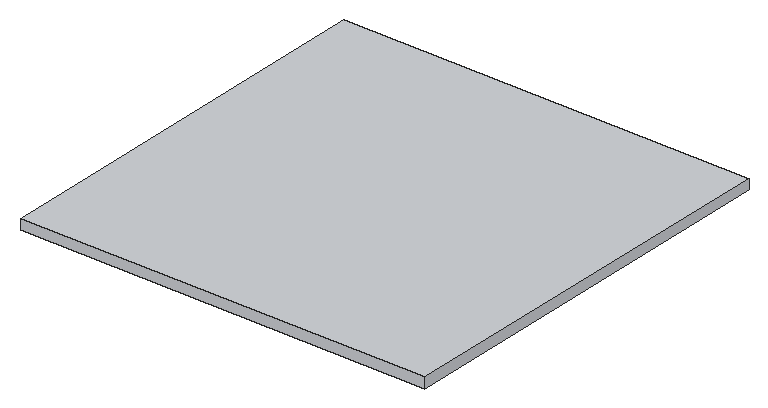
Revit family "8645600", category Aparatos sanitarios, Revit 2017
Family settings
  Anfitrión = Cara
  Cota de conector redondo = Diámetro de uso
  Tipo de pieza = Normal
  Número OmniClass = 23.45.55.14
  Título OmniClass = Single Faucets
  Corte con vacíos al cargar = No
  Compartido = No
  Punto de cálculo de habitación = No
Parameters (values of type "8645600")
  URL = "http://www.griferiasgalindo.com/lavabo/theo/grifo-de-lavabo-mural-theo?c=es"
  Teléfono = "(+34) 915 782 575"
  TIPO DE AGUA = "Fria/Caliente"
  REFERENCIA = "8645600"
  Presión Máxima = "8 bar"
  PESO BRUTO = "2.45 Kg"
  Modelo = "GRIFO LAVABO MURAL"
  Material = LATON CROMADO
  Imagen de tipo = <Ninguno>
  Fabricante = "PRESTO IBÉRICA"
  Default Elevation = 1219.2 mm
  ENTRADA = "Macho 1/2\""
  Descripción = "Monomando lavabo mural"
  Código de montaje = "C1030220"
  Contacto = "info@prestoiberica.com"
  Conexión AF = yes
  Conexión AC = yes
  Comentarios de tipo = "Cartucho sellado con discos cerámicos de Ø 35 mm."
  CIERRE = "Manual"
  CAUDAL = "8.5 l/min"
  Accionamiento = "Mediante maneta"
Reference planes
  plane 1 "Centro (Frontal/Posterior)": y = 0
  plane 2: z = 0
  plane 3 "Centro (Izquierda/Derecha)": x = 0
Forms (mm)
  Extrusion 1, solid
    sketch origin (0, 0, 0) x (1, 0, 0) y (0, 1, 0)
      loop
        line (-100, 100) -> (-100, -100) -> (100, -100) -> (100, 100) -> (-100, 100)
    from 0 to -5
Dimensions and locks
  Extrusion 1 sketch curve to plane 1 "Centro (Frontal/Posterior)" = 100 mm
  aligned and locked: plane 2 to Extrusion 1
  aligned and locked: level to Extrusion 1
Connectors
  piping at (-74, 0, 0), diameter 12.7
    settings: on import instance, index 1, connector inside diameter 609.6 mm, connector length 0 mm, flow factor 0, pipe flow 0.0 L/s, pressure drop 0.0 Pa, fitting loss kfactor 0, connector angle 0.00°, fixture units 0, engagement length 0 mm, angle of deflection 0.00°, flow configuration 0, flow direction 1, fitting loss method 0, system type 7, joint type 0, gender type 0, connector reference index -1, connector utility 0, adjustable connector no, is connector primary yes, connector description ""
